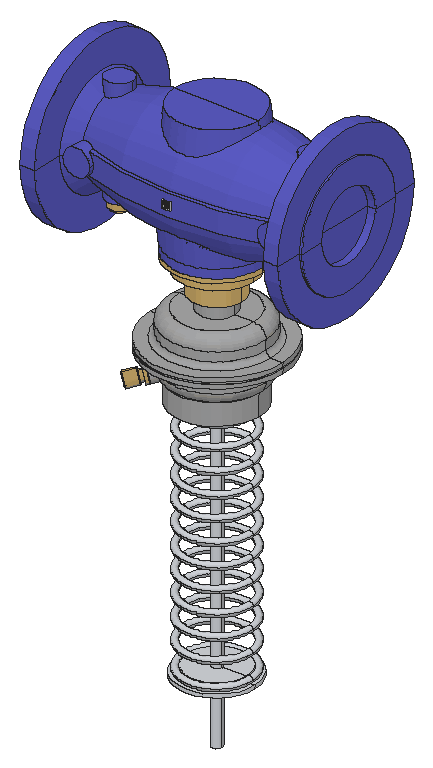
Revit family "Differential Pressure Control Valve F 4007 20-80kPa HF", category Rohrzubehör, Revit 2018
Family settings
  Bemaßung runder Anschluss = Durchmesser verwenden
  Teiletyp = Unterbricht
  OmniClass-Nummer = 23.65.55.14
  OmniClass-Titel = Valves for Liquid Services
  Arbeitsebenenbasiert = Nein
  Immer vertikal = Ja
  Beim Laden mit Abzugskörper schneiden = Nein
  Gemeinsam genutzt = Nein
Parameters
  Differential pressure setting range = "20-80 kPa"  # constant formula
  Testing pressure = 2500000.0 Pa  # constant formula
  Model = "The differential pressure controller is a straight-version proportional controller and works without auxiliary energy.\r\nThe required nominal differential pressure can be continuously adjusted from 20 to 80 kPa.\r\nThe impulse pipe (1500 mm) is included in the valve set and has to be connected to a double regulating valve on the supply side."
  Min. operating temperature (anti freeze) = -10 °C  # constant formula
  Min. operating temperature = 2 °C  # constant formula
  Medium = "Water purity in accordance with ÖNORM H 5195 and VDI 2035 standards.\r\nEthylene and propylene glycol can be mixed in ratio of 25 - 50 vol. [%]."
  Max. operating temperature = 110 °C  # constant formula
  URL = "www.herzvalves.com"
  Spring = "EN 10270-1-SH"  # constant formula
  SCRNSEQ = "ARM;ARM_TYP=\"DIFR\";2"
  SCRNCODE = "05;03;02"  # constant formula
  S02 [instance] = H03 + H13  # 141 mm
  S01 [instance] = (2 * H02) + (2 * H04) + H05  # 72.7 mm
  R99 = 14 mm  # constant formula
  R98 = 6 mm  # constant formula
  R97 = 2 mm  # constant formula
  R02 = 15.5 mm  # constant formula
  R01 [instance] = size_lookup("4007_F_20-80_HF", "R1", 45.5 mm, Nennweite)  # 63.5 mm
  R00 [instance] = size_lookup("4007_F_20-80_HF", "R", 53 mm, Nennweite)  # 70 mm
  Nennweite [instance] = 80 mm
  O-Ring = "EPDM"  # constant formula
  Max. operating pressure = 1600000.0 Pa  # constant formula
  Max. differential pressure = 400000.0 Pa  # constant formula
  L05 [instance] = L04 - 6.3 mm  # 114.7 mm
  L04 [instance] = size_lookup("4007_F_20-80_HF", "L4", 81 mm, Nennweite)  # 121 mm
  L03 = 10 mm  # constant formula
  L02 [instance] = size_lookup("4007_F_20-80_HF", "L2", 15 mm, Nennweite)  # 17 mm
  L01 = 3 mm  # constant formula
  L00 [instance] = size_lookup("4007_F_20-80_HF", "L", 115 mm, Nennweite)  # 155 mm
  Hersteller = "HERZ Armaturen Ges.m.b.H."  # constant formula
  H19 [instance] = size_lookup("4007_F_20-80_HF", "H19", 9 mm, Nennweite)  # 603 mm
  H18 [instance] = H19 - 75 mm  # 528 mm
  H17 = 6 mm  # constant formula
  H16 = 10 mm  # constant formula
  H15 = 24.5 mm  # constant formula
  H14 = 5 mm  # constant formula
  H13 = 17 mm  # constant formula
  H12 [instance] = R00 + 4 mm  # 74 mm
  H11 [instance] = R00 + 10 mm  # 80 mm
  H10 = 5 mm  # constant formula
  H09 [instance] = size_lookup("4007_F_20-80_HF", "H9", 9 mm, Nennweite)  # 11 mm
  H08 = 21 mm  # constant formula
  H07 [instance] = R00 + 23.4 mm  # 93.4 mm
  H06 [instance] = D12 + 15 mm  # 63.5 mm
  H05 = 2.5 mm  # constant formula
  H04 = 4.6 mm  # constant formula
  H03 [instance] = H08 + H09 + H10 + H11 + H14 + R97  # 124 mm
  H02 [instance] = size_lookup("4007_F_20-80_HF", "H2", 30.5 mm, Nennweite)  # 30.5 mm
  H01 [instance] = size_lookup("4007_F_20-80_HF", "H1", 210 mm, Nennweite)  # 226 mm
  Diaphragm = "EPDM with textile"  # constant formula
  Body = "EN-GJL-250 gem. EN 1561"  # constant formula
  DN80 [instance] = Nennweite = 80 mm  # yes
  D17 = 6 mm  # constant formula
  D16 = 45 mm  # constant formula
  D15 = 35 mm  # constant formula
  D14 = 50 mm  # constant formula
  D13 [instance] = D11 + 10 mm  # 59 mm
  D12 [instance] = R01 - 15 mm  # 48.5 mm
  D11 [instance] = size_lookup("4007_F_20-80_HF", "D11", 40 mm, Nennweite)  # 49 mm
  D10 [instance] = D11 + 5 mm  # 54 mm
  D09 [instance] = D11 - 5 mm  # 44 mm
  D08 = 24 mm  # constant formula
  D07 = 29.5 mm  # constant formula
  D06 [instance] = size_lookup("4007_F_20-80_HF", "D6", 51 mm, Nennweite)  # 57.8 mm
  D05 [instance] = D04 - 1 mm  # 77 mm
  D04 [instance] = size_lookup("4007_F_20-80_HF", "D4", 51 mm, Nennweite)  # 78 mm
  D03 = 21 mm  # constant formula
  D02 [instance] = Nennweite / 2  # 40 mm
  D01 [instance] = size_lookup("4007_F_20-80_HF", "D1", 51 mm, Nennweite)  # 69 mm
  D00 [instance] = size_lookup("4007_F_20-80_HF", "D", 82.5 mm, Nennweite)  # 100 mm
  Part number [instance] = if(Nennweite = 80 mm, "F400738", "0")  # "F400738"
  Connection flange = "EN 1092-2"  # constant formula
  Application = "For heating and cooling systems, to ensure constant differential pressure within the control range."
Reference planes
  plane 1 "Mitte (Vorne/hinten)": y = 0
  plane 2: z = -0.015
  plane 3 "Mitte (Links/rechts)": x = 0
Forms (mm)
  Revolve 1, solid, material "Herz-Marineblau", detail levels fine
    sketch origin (1065, 0, 0) x (1, 0, 0) y (0, 1, 0)
      loop
        line (-1217, 100) -> (-1217, 69) -> (-1220, 69) -> (-1220, 40) -> (-1210, 40) -> (-1210, 0) -> (-920, 0) -> (-920, 40) -> (-910, 40) -> (-910, 69) -> (-913, 69) -> (-913, 100) -> (-930, 100) -> (-930, 63.5) -> (-944, 48.5)
        arc (-944, 48.5) -> (-1065, 70) -> (-1186, 48.5) r 351.238
        line (-1186, 48.5) -> (-1200, 63.5) -> (-1200, 100) -> (-1217, 100)
      axis (-1220, 0) -> (-910, 0)
    angle from 0 to 360
  Extrusion 2, solid, material "Herz-Marineblau", detail levels fine
    sketch origin (0, 0, 0) x (1, 0, 0) y (0, 1, 0)
      loop
        circle (-114.7, 0) r 15.5
      loop
        circle (114.7, 0) r 15.5
    from -63.515 to 63.485
  Extrusion 3, solid, material "Herz-Marineblau", detail levels fine
    sketch origin (0, 0, 0) x (-1, 0, 0) y (0, 0, -1)
      loop
        circle (114.7, 0) r 15.5
      loop
        circle (-114.7, 0) r 15.5
    from -63.5 to 63.5
  Revolve 4, solid, material "Herz-Marineblau", detail levels fine
    sketch origin (92.737, 0, -45.97) x (1, 0, 0) y (0, 0, 1)
      loop
        line (-92.737, 119.955) -> (-92.737, -34.045) -> (-38.737, -34.045) -> (-38.737, -24.045) -> (-33.737, 45.97) -> (-43.737, 119.955) -> (-92.737, 119.955)
      axis (-92.737, 119.955) -> (-92.737, -34.045)
    angle from 0 to 360
  Revolve 5, solid, material "Messing", detail levels fine
    sketch origin (446.725, 0, 35.707) x (1, 0, 0) y (0, 0, 1)
      loop
        line (-446.725, -115.722) -> (-446.725, -159.722) -> (-417.225, -159.722) -> (-417.225, -138.722) -> (-422.725, -138.722) -> (-422.725, -133.722) -> (-402.725, -133.722) -> (-402.725, -122.722)
        arc (-402.725, -122.722) -> (-402.14, -121.308) -> (-400.725, -120.722) r 2
        line (-400.725, -120.722) -> (-392.725, -120.722) -> (-392.725, -115.722) -> (-446.725, -115.722)
      axis (-446.725, -159.722) -> (-446.725, -115.722)
    angle from 0 to 360
  Revolve 6, solid, material "Aluminium", detail levels fine
    sketch origin (925.114, 0, 19.41) x (1, 0, 0) y (0, 0, 1)
      loop
        line (-925.114, -143.425) -> (-925.114, -257.625) -> (-875.114, -257.625) -> (-875.114, -233.125) -> (-881.314, -233.125)
        arc (-881.314, -233.125) -> (-871.414, -229.025) -> (-867.314, -219.125) r 14
        line (-867.314, -219.125) -> (-867.314, -208.625)
        arc (-867.314, -208.625) -> (-865.556, -204.383) -> (-861.314, -202.625) r 6
        line (-861.314, -202.625) -> (-847.114, -202.625) -> (-847.114, -198.025) -> (-848.114, -198.025) -> (-848.114, -195.525) -> (-847.114, -195.525) -> (-847.114, -190.925) -> (-861.314, -190.925)
        arc (-861.314, -190.925) -> (-865.556, -189.168) -> (-867.314, -184.925) r 6
        line (-867.314, -184.925) -> (-867.314, -174.425)
        arc (-867.314, -174.425) -> (-871.414, -164.526) -> (-881.314, -160.425) r 14
        line (-881.314, -160.425) -> (-904.114, -160.425) -> (-904.114, -143.425) -> (-925.114, -143.425)
      axis (-925.114, -143.425) -> (-925.114, -257.625)
    angle from 0 to 360
  Extrusion 7, solid, material "Herz-Marineblau", visible <- "DN80", detail levels fine
    sketch origin (0, 0, 0) x (1, 0, 0) y (0, 1, 0)
      loop
        arc (-114.7, -54.973) -> (0, -74) -> (114.7, -54.973) r 355.238
        line (114.7, -54.973) -> (114.7, 54.973)
        arc (114.7, 54.973) -> (0, 74) -> (-114.7, 54.973) r 355.238
        line (-114.7, 54.973) -> (-114.7, -54.973)
    from -12.5 to 12.5
  Revolve 8, solid, detail levels fine
    sketch origin (0, 0, 0) x (1, 0, 0) y (0, 0, 1)
      loop
        line (0, -528.015) -> (45, -528.015) -> (45, -524.015) -> (35, -524.015) -> (35, -518.015) -> (0, -518.015) -> (0, -528.015)
      axis (0, -518.015) -> (0, -528.015)
    angle from 0 to 360
  Revolve 9, solid, detail levels fine
    sketch origin (0, 0, 0) x (1, 0, 0) y (0, 0, 1)
      loop
        line (0, -223.015) -> (0, -603.015) -> (6, -603.015) -> (6, -223.015) -> (0, -223.015)
      axis (0, -223.015) -> (0, -603.015)
    angle from 0 to 360
  Sweep 10, solid, visible <- "DN80", detail levels fine
    path in 3D
      loop
        arc (-39, 0, -241.715) -> (0, -39, -241.715) -> (39, 0, -241.715) r 39
        arc (39, 0, -241.715) -> (0, 39, -241.715) -> (-39, 0, -241.715) r 39
    profile origin (0, 39, -241.715) x (0, -1, 0) y (0, 0, 1)
      loop
        circle (0, 0) r 3.5
  Sweep 11, solid, visible <- "DN80", detail levels fine
    path in 3D
      loop
        arc (-39, 0, -266.715) -> (0, -39, -266.715) -> (39, 0, -266.715) r 39
        arc (39, 0, -266.715) -> (0, 39, -266.715) -> (-39, 0, -266.715) r 39
    profile origin (0, 39, -266.715) x (0, -1, 0) y (0, 0, 1)
      loop
        circle (0, 0) r 3.5
  Sweep 12, solid, visible <- "DN80", detail levels fine
    path in 3D
      loop
        arc (-39, 0, -291.715) -> (0, -39, -291.715) -> (39, 0, -291.715) r 39
        arc (39, 0, -291.715) -> (0, 39, -291.715) -> (-39, 0, -291.715) r 39
    profile origin (0, 39, -291.715) x (0, -1, 0) y (0, 0, 1)
      loop
        circle (0, 0) r 3.5
  Sweep 13, solid, visible <- "DN80", detail levels fine
    path in 3D
      loop
        arc (-39, 0, -316.715) -> (0, -39, -316.715) -> (39, 0, -316.715) r 39
        arc (39, 0, -316.715) -> (0, 39, -316.715) -> (-39, 0, -316.715) r 39
    profile origin (0, 39, -316.715) x (0, -1, 0) y (0, 0, 1)
      loop
        circle (0, 0) r 3.5
  Sweep 14, solid, visible <- "DN80", detail levels fine
    path in 3D
      loop
        arc (-39, 0, -341.715) -> (0, -39, -341.715) -> (39, 0, -341.715) r 39
        arc (39, 0, -341.715) -> (0, 39, -341.715) -> (-39, 0, -341.715) r 39
    profile origin (0, 39, -341.715) x (0, -1, 0) y (0, 0, 1)
      loop
        circle (0, 0) r 3.5
  Sweep 15, solid, visible <- "DN80", detail levels fine
    path in 3D
      loop
        arc (-39, 0, -366.715) -> (0, -39, -366.715) -> (39, 0, -366.715) r 39
        arc (39, 0, -366.715) -> (0, 39, -366.715) -> (-39, 0, -366.715) r 39
    profile origin (0, 39, -366.715) x (0, -1, 0) y (0, 0, 1)
      loop
        circle (0, 0) r 3.5
  Sweep 16, solid, visible <- "DN80", detail levels fine
    path in 3D
      loop
        arc (-39, 0, -391.715) -> (0, -39, -391.715) -> (39, 0, -391.715) r 39
        arc (39, 0, -391.715) -> (0, 39, -391.715) -> (-39, 0, -391.715) r 39
    profile origin (0, 39, -391.715) x (0, -1, 0) y (0, 0, 1)
      loop
        circle (0, 0) r 3.5
  Sweep 17, solid, visible <- "DN80", detail levels fine
    path in 3D
      loop
        arc (-39, 0, -416.715) -> (0, -39, -416.715) -> (39, 0, -416.715) r 39
        arc (39, 0, -416.715) -> (0, 39, -416.715) -> (-39, 0, -416.715) r 39
    profile origin (0, 39, -416.715) x (0, -1, 0) y (0, 0, 1)
      loop
        circle (0, 0) r 3.5
  Sweep 18, solid, visible <- "DN80", detail levels fine
    path in 3D
      loop
        arc (-39, 0, -441.715) -> (0, -39, -441.715) -> (39, 0, -441.715) r 39
        arc (39, 0, -441.715) -> (0, 39, -441.715) -> (-39, 0, -441.715) r 39
    profile origin (0, 39, -441.715) x (0, -1, 0) y (0, 0, 1)
      loop
        circle (0, 0) r 3.5
  Sweep 19, solid, visible <- "DN80", detail levels fine
    path in 3D
      loop
        arc (-39, 0, -466.715) -> (0, -39, -466.715) -> (39, 0, -466.715) r 39
        arc (39, 0, -466.715) -> (0, 39, -466.715) -> (-39, 0, -466.715) r 39
    profile origin (0, 39, -466.715) x (0, -1, 0) y (0, 0, 1)
      loop
        circle (0, 0) r 3.5
  Sweep 20, solid, visible <- "DN80", detail levels fine
    path in 3D
      loop
        arc (-39, 0, -491.715) -> (0, -39, -491.715) -> (39, 0, -491.715) r 39
        arc (39, 0, -491.715) -> (0, 39, -491.715) -> (-39, 0, -491.715) r 39
    profile origin (0, 39, -491.715) x (0, -1, 0) y (0, 0, 1)
      loop
        circle (0, 0) r 3.5
  Sweep 21, solid, visible <- "DN80", detail levels fine
    path in 3D
      loop
        arc (-39, 0, -520.215) -> (0, -39, -520.215) -> (39, 0, -520.215) r 39
        arc (39, 0, -520.215) -> (0, 39, -520.215) -> (-39, 0, -520.215) r 39
    profile origin (0, 39, -520.215) x (0, -1, 0) y (0, 0, 1)
      loop
        circle (0, 0) r 3.5
  Revolve 22, solid, material "Messing, weicher Gelbton, geschweißt", visible <- "DN80", detail levels fine
    sketch origin (4.806, 4.796, -1.426) x (-0.707107, -0.707107, 0) y (0, 0, -1)
      loop
        line (70.524, 205.006) -> (72.604, 195.224) -> (76.516, 196.056) -> (75.643, 200.164) -> (80.534, 201.204) -> (81.133, 198.384) -> (94.817, 201.293) -> (95.511, 202.887) -> (94, 209.996) -> (70.524, 205.006)
      axis (94, 209.996) -> (70.524, 205.006)
    angle from 0 to 360
  Revolve 23, solid, material "Aluminium", visible <- "DN80", detail levels fine
    sketch origin (-31.256, -31.266, -12.266) x (-0.707107, -0.707107, 0) y (0, 0, -1)
      loop
        line (19.524, 194.165) -> (-44.055, 180.651) -> (-42.08, 171.359) -> (21.5, 184.873) -> (19.524, 194.165)
      axis (-44.055, 180.651) -> (19.524, 194.165)
    angle from 0 to 360
  Revolve 24, solid, material "Messing, weicher Gelbton, geschweißt", detail levels fine
    sketch origin (-10, 0, -8) x (1, 0, 0) y (0, 0, 1)
      loop
        line (-104.7, -55.515) -> (-116.7, -55.515) -> (-116.7, -64.515) -> (-113.7, -64.515) -> (-113.7, -68.015) -> (-104.7, -68.015) -> (-104.7, -55.515)
      axis (-104.7, -68.015) -> (-104.7, -55.515)
    angle from 0 to 360
  Revolve 25, solid, material "Messing, weicher Gelbton, geschweißt", detail levels fine
    sketch origin (10, 0, -8) x (-1, 0, 0) y (0, 0, -1)
      loop
        line (-104.7, 55.515) -> (-104.7, 68.015) -> (-113.7, 68.015) -> (-113.7, 64.515) -> (-116.7, 64.515) -> (-116.7, 55.515) -> (-104.7, 55.515)
      axis (-104.7, 68.015) -> (-104.7, 55.515)
    angle from 0 to 360
Lines and regions (mm)
  sketch lines
    curve 1: circle (0, 0, -241.715) r 39 normal (0, 0, 1)
    curve 2: circle (0, 0, -266.715) r 39 normal (0, 0, 1)
    curve 3: circle (0, 0, -291.715) r 39 normal (0, 0, 1)
    curve 4: circle (0, 0, -316.715) r 39 normal (0, 0, 1)
    curve 5: circle (0, 0, -341.715) r 39 normal (0, 0, 1)
    curve 6: circle (0, 0, -366.715) r 39 normal (0, 0, 1)
    curve 7: circle (0, 0, -391.715) r 39 normal (0, 0, 1)
    curve 8: circle (0, 0, -416.715) r 39 normal (0, 0, 1)
    curve 9: circle (0, 0, -441.715) r 39 normal (0, 0, 1)
    curve 10: circle (0, 0, -466.715) r 39 normal (0, 0, 1)
    curve 11: circle (0, 0, -491.715) r 39 normal (0, 0, 1)
    curve 12: circle (0, 0, -520.215) r 39 normal (0, 0, 1)
  model lines, visible <- "DN80", detail levels fine
    curve 13: line (-39, 0, -238.215) -> (39, 0, -238.215)
  model lines, detail levels coarse+medium
    curve 14: line (-155, 0, 99.985) -> (-155, 0, -100.015)
    curve 15: line (-155, 0, -100.015) -> (155, 0, 99.985)
    curve 16: line (155, 0, 99.985) -> (155, 0, -100.015)
    curve 17: line (155, 0, -100.015) -> (-155, 0, 99.985)
    curve 18: line (-77.5, 0, -50.015) -> (0, 0, -100.015)
    curve 19: line (0, 0, -100.015) -> (77.5, 0, -50.015)
    curve 20: line (0, 0, -100.015) -> (0, 0, -141.015)
    curve 21: spline (-78, 0, -177.365) -> (-75.342, 0, -167.957) -> (-67.55, 0, -159.19) -> (-55.154, 0, -151.662) -> (-39, 0, -145.885) -> (-20.188, 0, -142.254) -> (0, 0, -141.015) -> (20.188, 0, -142.254) -> (39, 0, -145.885) -> (55.154, 0, -151.662) -> (67.55, 0, -159.19) -> (75.342, 0, -167.957) -> (78, 0, -177.365) -> (75.342, 0, -186.773) -> (67.55, 0, -195.54) -> (55.154, 0, -203.069) -> (39, 0, -208.845) -> (20.188, 0, -212.477) -> (0, 0, -213.715) -> (-20.188, 0, -212.477) -> (-39, 0, -208.845) -> (-55.154, 0, -203.069) -> (-67.55, 0, -195.54) -> (-75.342, 0, -186.773) -> (-78, 0, -177.365)
    curve 22: line (-155, 100, 0) -> (-155, -100, 0)
    curve 23: line (-155, -100, 0) -> (155, 100, 0)
    curve 24: line (155, 100, 0) -> (155, -100, 0)
    curve 25: line (155, -100, 0) -> (-155, 100, 0)
    curve 26: line (-77.5, -50, 0) -> (0, -100, 0)
    curve 27: line (0, -100, 0) -> (77.5, -50, 0)
    curve 28: line (0, -100, 0) -> (0, -141, 0)
    curve 29: spline (-78, -177.35, 0) -> (-75.342, -167.942, 0) -> (-67.55, -159.175, 0) -> (-55.154, -151.647, 0) -> (-39, -145.87, 0) -> (-20.188, -142.239, 0) -> (0, -141, 0) -> (20.188, -142.239, 0) -> (39, -145.87, 0) -> (55.154, -151.647, 0) -> (67.55, -159.175, 0) -> (75.342, -167.942, 0) -> (78, -177.35, 0) -> (75.342, -186.758, 0) -> (67.55, -195.525, 0) -> (55.154, -203.053, 0) -> (39, -208.83, 0) -> (20.188, -212.461, 0) -> (0, -213.7, 0) -> (-20.188, -212.461, 0) -> (-39, -208.83, 0) -> (-55.154, -203.053, 0) -> (-67.55, -195.525, 0) -> (-75.342, -186.758, 0) -> (-78, -177.35, 0)
Dimensions and locks
  "H06": Extrusion 3 to plane 1 "Mitte (Vorne/hinten)" to Extrusion 3  (x2)
  "L02": Revolve 1 sketch curve to Revolve 1 sketch curve  (x2)
  "L01": Revolve 1 sketch curve to Revolve 1 sketch curve  (x2)
  "L00": Revolve 1 sketch curve to plane 3 "Mitte (Links/rechts)" to Revolve 1 sketch curve
  "L03": Revolve 1 sketch curve to Revolve 1 sketch curve  (x2)
  "D02": plane 1 "Mitte (Vorne/hinten)" to Revolve 1 sketch curve  (x2)
  "L04": plane 3 "Mitte (Links/rechts)" to Revolve 1 sketch curve
  "R01": plane 1 "Mitte (Vorne/hinten)" to Revolve 1 sketch curve
  "D01": plane 1 "Mitte (Vorne/hinten)" to Revolve 1 sketch curve  (x2)
  "D00": plane 1 "Mitte (Vorne/hinten)" to Revolve 1 sketch curve  (x2)
  "H06": Extrusion 2 to plane 2 to Extrusion 2  (x2)
  "L04": Revolve 1 sketch curve to plane 3 "Mitte (Links/rechts)"
  "R00": Revolve 1 sketch curve to Revolve 1 sketch curve
  "R01": Revolve 1 sketch curve to Revolve 1 sketch curve
  "D05": Revolve 6 sketch curve to Revolve 6 sketch curve
  "D04": Revolve 6 sketch curve to Revolve 6 sketch curve  (x2)
  "H04": Revolve 6 sketch curve to Revolve 6 sketch curve  (x2)
  "H05": Revolve 6 sketch curve to Revolve 6 sketch curve
  "H02": Revolve 6 sketch curve to Revolve 6 sketch curve  (x2)
  "H03": plane 2 to Revolve 6 sketch curve
  "D06": Revolve 6 sketch curve to Revolve 6 sketch curve
  "D03": Revolve 6 sketch curve to Revolve 6 sketch curve
  "D07": Revolve 5 sketch curve to Revolve 5 sketch curve
  "D08": Revolve 5 sketch curve to Revolve 5 sketch curve
  "H08": Revolve 5 sketch curve to Revolve 5 sketch curve
  "D09": Revolve 5 sketch curve to Revolve 5 sketch curve
  "D10": Revolve 5 sketch curve to Revolve 5 sketch curve
  "H10": Revolve 5 sketch curve to Revolve 5 sketch curve
  "H11": plane 2 to Revolve 4 sketch curve
  "H11": plane 2 to Revolve 5 sketch curve
  "D10": Revolve 4 sketch curve to Revolve 4 sketch curve
  "H12": Revolve 4 sketch curve to plane 2
  "L05": Extrusion 2 sketch curve to plane 3 "Mitte (Links/rechts)"
  "L05": plane 3 "Mitte (Links/rechts)" to Extrusion 2 sketch curve
  "L05": plane 3 "Mitte (Links/rechts)" to Extrusion 3 sketch curve
  "L05": Extrusion 3 sketch curve to plane 3 "Mitte (Links/rechts)"
  "D12": Revolve 1 sketch curve to Revolve 1 sketch curve  (x2)
  "D06": plane 3 "Mitte (Links/rechts)" to Revolve 6 sketch curve
  "R00": plane 2 to Revolve 4 sketch curve
  "D11": Revolve 4 sketch curve to Revolve 4 sketch curve
  "D13": Revolve 4 sketch curve to Revolve 4 sketch curve
  "H13": Revolve 6 sketch curve to Revolve 6 sketch curve
  "H14": Revolve 5 sketch curve to Revolve 5 sketch curve
  "H09": Revolve 5 sketch curve to Revolve 5 sketch curve
  "H03": plane 2 to Revolve 5 sketch curve
  "D14": Revolve 6 sketch curve to plane 3 "Mitte (Links/rechts)"
  "H15": Revolve 6 sketch curve to Revolve 6 sketch curve
  "H16": Revolve 8 sketch curve to Revolve 8 sketch curve
  "D15": Revolve 8 sketch curve to Revolve 8 sketch curve
  "D16": Revolve 8 sketch curve to Revolve 8 sketch curve
  "H17": Revolve 8 sketch curve to Revolve 8 sketch curve
  "D17": Revolve 9 sketch curve to Revolve 9 sketch curve
  "L00": curve 14 to plane 3 "Mitte (Links/rechts)" to curve 16
  "D00": curve 17 to plane 2 to curve 15
  "D00": curve 16 to plane 2 to curve 17
  equal spacing: plane 3 "Mitte (Links/rechts)", curve 18, curve 15
  equal spacing: curve 17, curve 19, plane 3 "Mitte (Links/rechts)"
  "D00": plane 2 to curve 19
  "S02": plane 2 to curve 20
  "D04": plane 3 "Mitte (Links/rechts)" to curve 21
  "S01": curve 21 to curve 21
  "S02": plane 2 to curve 21
  "L00": curve 22 to plane 3 "Mitte (Links/rechts)" to curve 24
  "D00": curve 23 to plane 1 "Mitte (Vorne/hinten)" to curve 25
  "D00": curve 25 to plane 1 "Mitte (Vorne/hinten)" to curve 24
  equal spacing: plane 3 "Mitte (Links/rechts)", curve 26, curve 23
  equal spacing: plane 3 "Mitte (Links/rechts)", curve 27, curve 25
  "D00": curve 27 to plane 1 "Mitte (Vorne/hinten)"
  "S02": curve 28 to plane 1 "Mitte (Vorne/hinten)"
  "S01": curve 29 to curve 29
  "D04": curve 29 to plane 3 "Mitte (Links/rechts)"
  "S02": curve 29 to plane 1 "Mitte (Vorne/hinten)"
  "H19": plane 2 to Revolve 9 sketch curve
  "H18": plane 2 to Revolve 8 sketch curve
  Revolve 24 sketch curve to Revolve 24 sketch curve = 9 mm  (x2)
  Revolve 24 sketch curve to Revolve 24 sketch curve = 12.5 mm
  Revolve 24 sketch curve to Revolve 24 sketch curve = 12 mm
  "L05": plane 3 "Mitte (Links/rechts)" to Revolve 24 sketch curve
  "H06": plane 2 to Revolve 24 sketch curve
  Revolve 25 sketch curve to Revolve 25 sketch curve = 9 mm  (x2)
  Revolve 25 sketch curve to Revolve 25 sketch curve = 12.5 mm
  Revolve 25 sketch curve to Revolve 25 sketch curve = 12 mm
  "L05": Revolve 25 sketch curve to plane 3 "Mitte (Links/rechts)"
  "H06": plane 2 to Revolve 25 sketch curve
  "R99": radius of Revolve 6 sketch curve  (x2)
  "R98": radius of Revolve 6 sketch curve  (x2)
  "R02": radius of Extrusion 2 sketch curve  (x2)
  "R02": radius of Extrusion 3 sketch curve  (x2)
  "R97": radius of Revolve 5 sketch curve
  aligned and locked: level to plane 2
Automatic sketch dimensions
  Extrusion 7 sketch curve to plane 3 "Mitte (Links/rechts)" = 0 mm  (x2)
  plane 1 "Mitte (Vorne/hinten)" to Extrusion 7 sketch curve = 54.973 mm
  Extrusion 7 sketch curve to plane 3 "Mitte (Links/rechts)" = 114.7 mm
  Extrusion 7 sketch curve to plane 1 "Mitte (Vorne/hinten)" = 54.973 mm
  plane 3 "Mitte (Links/rechts)" to Extrusion 7 sketch curve = 114.7 mm
  Extrusion 7 sketch curve to Extrusion 7 sketch curve = 226.265 mm  (x2)
  Sweep 10 sketch curve to profile plane = 0 mm  (x2)
  Sweep 11 sketch curve to profile plane = 0 mm  (x2)
  Sweep 12 sketch curve to profile plane = 0 mm  (x2)
  Sweep 13 sketch curve to profile plane = 0 mm  (x2)
  Sweep 14 sketch curve to profile plane = 0 mm  (x2)
  Sweep 15 sketch curve to profile plane = 0 mm  (x2)
  Sweep 16 sketch curve to profile plane = 0 mm  (x2)
  Sweep 17 sketch curve to profile plane = 0 mm  (x2)
  Sweep 18 sketch curve to profile plane = 0 mm  (x2)
  Sweep 19 sketch curve to profile plane = 0 mm  (x2)
  Sweep 20 sketch curve to profile plane = 0 mm  (x2)
  Sweep 21 sketch curve to profile plane = 0 mm  (x2)
  curve 13 to plane 3 "Mitte (Links/rechts)" = 39 mm
  plane 3 "Mitte (Links/rechts)" to curve 13 = 39 mm
  curve 13 to plane 2 = 238.2 mm
  Revolve 22 sketch curve to plane 2 = 206.416 mm
  Revolve 22 sketch curve to plane 2 = 196.635 mm
  Revolve 22 sketch curve to Revolve 22 sketch curve = 2.079 mm
  Revolve 22 sketch curve to plane 2 = 201.575 mm
  Revolve 22 sketch curve to Revolve 22 sketch curve = 3.039 mm
  Revolve 22 sketch curve to plane 2 = 202.614 mm
  Revolve 22 sketch curve to plane 2 = 199.795 mm
  Revolve 22 sketch curve to plane 2 = 211.406 mm
  Revolve 22 sketch curve to plane 2 = 202.704 mm
  Revolve 22 sketch curve to plane 2 = 204.297 mm
  Revolve 22 sketch curve to plane 2 = 206.419 mm
  Revolve 22 sketch curve to Revolve 22 sketch curve = 0.015 mm
  Revolve 22 sketch curve to plane 2 = 208.733 mm
  Revolve 22 sketch curve to Revolve 22 sketch curve = 0.89 mm
  Revolve 23 sketch curve to plane 2 = 192.902 mm
  Revolve 23 sketch curve to plane 2 = 183.61 mm
  Revolve 23 sketch curve to Revolve 23 sketch curve = 1.975 mm
  Revolve 23 sketch curve to plane 2 = 206.416 mm
  Revolve 23 sketch curve to plane 2 = 202.266 mm
  Revolve 23 sketch curve to Revolve 23 sketch curve = 19.524 mm
  Revolve 23 sketch curve to plane 2 = 217.257 mm
  Revolve 23 sketch curve to Revolve 23 sketch curve = 51 mm
  curve 21 to plane 3 "Mitte (Links/rechts)" = 0 mm
  curve 20 to plane 3 "Mitte (Links/rechts)" = 0 mm
  curve 29 to plane 3 "Mitte (Links/rechts)" = 0 mm
  curve 28 to plane 3 "Mitte (Links/rechts)" = 0 mm
  plane 1 "Mitte (Vorne/hinten)" to Revolve 1 sketch curve = 0 mm  (x2)
  Revolve 1 sketch curve to Revolve 1 sketch curve = 35 mm
  Revolve 1 sketch curve to Revolve 1 sketch curve = 40 mm
  plane 1 "Mitte (Vorne/hinten)" to Extrusion 2 sketch curve = 0 mm  (x2)
  Extrusion 3 sketch curve to level = 0 mm  (x2)
  Revolve 4 sketch curve to plane 3 "Mitte (Links/rechts)" = 0 mm  (x2)
  Revolve 4 sketch curve to level = 0 mm
  Revolve 4 sketch curve to plane 2 = 25.895 mm
  level to Revolve 4 sketch curve = 24.09 mm
  Revolve 5 sketch curve to plane 3 "Mitte (Links/rechts)" = 0 mm  (x2)
  Revolve 5 sketch curve to Revolve 5 sketch curve = 8.988 mm
  Revolve 5 sketch curve to Revolve 5 sketch curve = 0 mm
  Revolve 6 sketch curve to plane 3 "Mitte (Links/rechts)" = 0 mm  (x2)
  Revolve 6 sketch curve to Revolve 6 sketch curve = 0 mm
  Revolve 6 sketch curve to Revolve 6 sketch curve = 9.421 mm
  plane 3 "Mitte (Links/rechts)" to Revolve 8 sketch curve = 0 mm
  Revolve 8 sketch curve to plane 3 "Mitte (Links/rechts)" = 0 mm
  Revolve 8 sketch curve to Revolve 8 sketch curve = 168.671 mm
  level to Revolve 8 sketch curve = 2214.315 mm
  Revolve 9 sketch curve to plane 3 "Mitte (Links/rechts)" = 0 mm  (x2)
  Revolve 9 sketch curve to plane 2 = 223 mm
  Revolve 9 sketch curve to Revolve 9 sketch curve = 17.86 mm
  level to Revolve 9 sketch curve = 2214.315 mm
  Revolve 24 sketch curve to Revolve 24 sketch curve = 0 mm  (x3)
  Revolve 25 sketch curve to Revolve 25 sketch curve = 0 mm  (x3)
  radius of Sweep 10 sketch curve = 3.5 mm
  radius of Sweep 11 sketch curve = 3.5 mm
  radius of Sweep 12 sketch curve = 3.5 mm
  radius of Sweep 13 sketch curve = 3.5 mm
  radius of Sweep 14 sketch curve = 3.5 mm
  radius of Sweep 15 sketch curve = 3.5 mm
  radius of Sweep 16 sketch curve = 3.5 mm
  radius of Sweep 17 sketch curve = 3.5 mm
  radius of Sweep 18 sketch curve = 3.5 mm
  radius of Sweep 19 sketch curve = 3.5 mm
  radius of Sweep 20 sketch curve = 3.5 mm
  radius of Sweep 21 sketch curve = 3.5 mm
Nested families
  nested 1: "Herz-Logo-vorne" at (-0.018, -73.982, 0) x (0, 1, 0) z (0, 0, 1), visible <- "DN80", type "Herz-Logo-vorne", detail levels fine
Connectors
  piping at (-155, 0, 0), diameter 80, driven by "Nennweite"
    settings: on Revolve 1, index 1, connector inside diameter 609.6 mm, connector length 0 mm, flow factor 0, pipe flow 0.0 L/s, pressure drop 0.0 Pa, fitting loss kfactor 0, connector angle 0.00°, fixture units 0, engagement length 0 mm, angle of deflection 0.00°, flow configuration 0, flow direction 2, fitting loss method 0, system type 29, joint type 0, gender type 0, connector reference index -1, connector utility 0, adjustable connector no, is connector primary yes, connector description ""
  piping at (155, 0, 0), diameter 80, driven by "Nennweite"
    settings: on Revolve 1, index 2, connector inside diameter 609.6 mm, connector length 0 mm, flow factor 0, pipe flow 0.0 L/s, pressure drop 0.0 Pa, fitting loss kfactor 0, connector angle 0.00°, fixture units 0, engagement length 0 mm, angle of deflection 0.00°, flow configuration 0, flow direction 1, fitting loss method 0, system type 29, joint type 0, gender type 0, connector reference index -1, connector utility 0, adjustable connector no, is connector primary no, connector description ""
Definition of nested family "Herz-Logo-vorne"
  Reference planes
    plane 1 "Mitte (Vorne/hinten)": y = 0
    plane 2: z = 0
    plane 3 "Mitte (Links/rechts)": x = 0
  Forms (mm)
    Extrusion 1, solid
      sketch origin (0.732, -0.018, 0.017) x (0, -1, 0) y (0, 0, 1)
        loop
          line (-0.018, -4.517) -> (4.482, -4.517) -> (4.482, 4.483) -> (-4.518, 4.483) -> (-4.518, -4.517) -> (-0.018, -4.517)
        loop
          line (-0.05, -3.48) -> (3.482, -3.48) -> (3.482, 3.483) -> (-3.518, 3.483) -> (-3.518, -3.48) -> (-0.05, -3.48)
        loop
          arc (-0.018, 2.383) -> (-1.543, 3.287) -> (-3.067, 2.383) r 1.738
          arc (-3.067, 2.383) -> (-3.191, 1.899) -> (-3.067, 1.415) r 1.009
          line (-3.067, 1.415) -> (-0.018, -3.281) -> (3.032, 1.415)
          arc (3.032, 1.415) -> (3.156, 1.899) -> (3.032, 2.383) r 1.009
          arc (3.032, 2.383) -> (1.507, 3.287) -> (-0.018, 2.383) r 1.738
        loop
          arc (1.885, 1.272) -> (2.005, 1.675) -> (1.885, 2.079) r 0.74
          arc (1.885, 2.079) -> (1.265, 2.416) -> (0.644, 2.079) r 0.74
          line (0.644, 2.079) -> (-0.018, 0.97) -> (-0.679, 2.079)
          arc (-0.679, 2.079) -> (-1.3, 2.416) -> (-1.921, 2.079) r 0.74
          arc (-1.921, 2.079) -> (-2.04, 1.675) -> (-1.921, 1.272) r 0.74
          line (-1.921, 1.272) -> (-0.018, -1.658) -> (1.885, 1.272)
      from 0 to 1.5
  Dimensions and locks
    aligned and locked: level to plane 2
